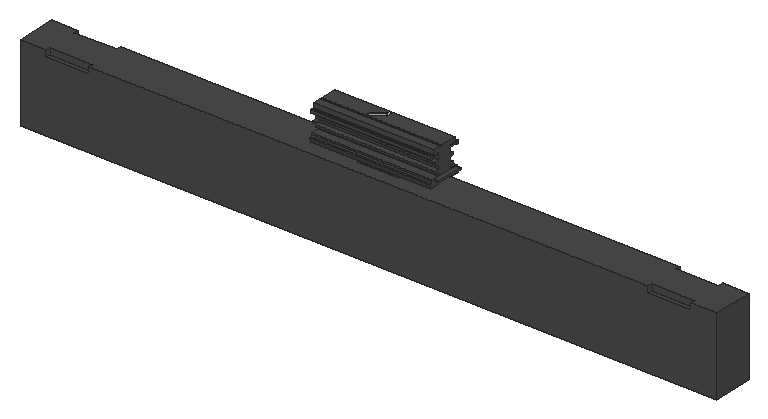
Revit family "DOT SINGLE HEAD RAIL 646_DTM30U6.5.36", category Luminarias, Revit 2019
Family settings
  Cota de conector redondo = Diámetro de uso
  Tipo de pieza = Normal
  Se basa en plano de trabajo = Sí
  Siempre vertical = Sí
  Corte con vacíos al cargar = No
  Origen de luz = Sí
  Compartido = No
  Punto de cálculo de habitación = No
Parameters (values of type "DOT SINGLE HEAD RAIL 646_DTM30U6.5.36")
  Ángulo de inclinación = 60.00°
  Zone [instance] = ""
  Watt per fixture = 30
  Wattage = 30 W
  built-in parameter 1150107 = 2700 (stored number, unit not read)
  built-in parameter 1150110 = 1 (stored number, unit not read)
  built-in parameter 1150109 = 1 (stored number, unit not read)
  built-in parameter 1150112 = 1 (stored number, unit not read)
  built-in parameter 1150113 = 1 (stored number, unit not read)
  built-in parameter 1114218 = 1 (stored number, unit not read)
  Keynote = ""
  built-in parameter 1150137 = (empty or 0)
  built-in parameter 1150132 = (empty or 0)
  Modelo = "DTM30U6.5.36"
  Lámpara = "3030SMD PHILIPS"
  built-in parameter 1150105 = 12002.7 (stored number, unit not read)
  built-in parameter 1150102 = (empty or 0)
  built-in parameter 1150106 = 120.03 (stored number, unit not read)
  Lumens = 2460 lm
  Color Filter = 16777215
  built-in parameter 1114217 = 1 (stored number, unit not read)
  built-in parameter 1150139 = (empty or 0)
  Fabricante = "BRILLANT"
  Default Elevation = 1219.2 mm
  built-in parameter 1150104 = 7.618 (stored number, unit not read)
  Descripción = "LUMINARIA DOWNLIGHT EN FORMATO RECTANGULAR COMPATIBLE CON RIEL DE 6 ENTRADAS Y 3 CIRCUITOS CON CABEZAL PARA PODER DIRIGIR LA LUMINARIA HASTA 30 GRADOS, CUERPO DE ALUMINIO ACABADO EN COLOR NEGRO, IP 20, PESO 1.48Kg, TIPO DE LED 3030SMD PHILIPS CON 30W TOTAL, 2300 LUMENES, 82LM/W, IRC 90, TEMPERATURA EN BLANCO CALIDO 2700K, 50 MIL HORAS DE VIDA PROMEDIO, APERTURA DE 36 GRADOS POR PROYECTO, ALIMENTADO A 90-240V"
  built-in parameter 1150115 = 1 (stored number, unit not read)
  built-in parameter 1150114 = 1 (stored number, unit not read)
  Comentarios de vataje = "90-240V"
  built-in parameter 1150138 = (empty or 0)
  built-in parameter 1150134 = (empty or 0)
  Circuit [instance] = ""
  Dimming Lamp Color Temperature Shift = (empty or 0)
  Archivo de red fotométrica = "L646A-30W-827-B-36_IESNA95.IES"
  built-in parameter 1150133 = 10 (stored number, unit not read)
Reference planes
  plane 1 "Centro (Frontal/Posterior)": y = 0
  plane 2: z = 0
  plane 3 "Centro (Izquierda/Derecha)": x = 0
Forms (mm)
  Extrusion 1, solid, material "Default Form"
    sketch origin (0, 0, 0) x (1, 0, 0) y (0, 0, 1)
      loop
        line (-323, 0) -> (-323, -72) -> (323, -72) -> (323, 0) -> (-323, 0)
    from -18.326 to 18.326
  Blend 2, void
    base sketch origin (0, 0, 0) x (1, 0, 0) y (0, 1, 0)
      loop
        line (-162, 16.149) -> (-162, -16.149) -> (-144.14, -16.149) -> (-144.14, 16.149) -> (-162, 16.149)
    top sketch origin (0, 0, 0) x (1, 0, 0) y (0, 1, 0)
      loop
        line (-160, 12.149) -> (-160, -12.149) -> (-146.14, -12.149) -> (-146.14, 12.149) -> (-160, 12.149)
    from -72 to -61.591
  Blend 3, void
    base sketch origin (21.86, 0, 0) x (1, 0, 0) y (0, 1, 0)
      loop
        line (-162, 16.149) -> (-162, -16.149) -> (-144.14, -16.149) -> (-144.14, 16.149) -> (-162, 16.149)
    top sketch origin (21.86, 0, 0) x (1, 0, 0) y (0, 1, 0)
      loop
        line (-160, 12.149) -> (-160, -12.149) -> (-146.14, -12.149) -> (-146.14, 12.149) -> (-160, 12.149)
    from -72 to -61.591
  Blend 4, void
    base sketch origin (43.72, 0, 0) x (1, 0, 0) y (0, 1, 0)
      loop
        line (-162, 16.149) -> (-162, -16.149) -> (-144.14, -16.149) -> (-144.14, 16.149) -> (-162, 16.149)
    top sketch origin (43.72, 0, 0) x (1, 0, 0) y (0, 1, 0)
      loop
        line (-160, 12.149) -> (-160, -12.149) -> (-146.14, -12.149) -> (-146.14, 12.149) -> (-160, 12.149)
    from -72 to -61.591
  Blend 5, void
    base sketch origin (65.58, 0, 0) x (1, 0, 0) y (0, 1, 0)
      loop
        line (-162, 16.149) -> (-162, -16.149) -> (-144.14, -16.149) -> (-144.14, 16.149) -> (-162, 16.149)
    top sketch origin (65.58, 0, 0) x (1, 0, 0) y (0, 1, 0)
      loop
        line (-160, 12.149) -> (-160, -12.149) -> (-146.14, -12.149) -> (-146.14, 12.149) -> (-160, 12.149)
    from -72 to -61.591
  Blend 6, void
    base sketch origin (87.44, 0, 0) x (1, 0, 0) y (0, 1, 0)
      loop
        line (-162, 16.149) -> (-162, -16.149) -> (-144.14, -16.149) -> (-144.14, 16.149) -> (-162, 16.149)
    top sketch origin (87.44, 0, 0) x (1, 0, 0) y (0, 1, 0)
      loop
        line (-160, 12.149) -> (-160, -12.149) -> (-146.14, -12.149) -> (-146.14, 12.149) -> (-160, 12.149)
    from -72 to -61.591
  Blend 7, void
    base sketch origin (109.3, 0, 0) x (1, 0, 0) y (0, 1, 0)
      loop
        line (-162, 16.149) -> (-162, -16.149) -> (-144.14, -16.149) -> (-144.14, 16.149) -> (-162, 16.149)
    top sketch origin (109.3, 0, 0) x (1, 0, 0) y (0, 1, 0)
      loop
        line (-160, 12.149) -> (-160, -12.149) -> (-146.14, -12.149) -> (-146.14, 12.149) -> (-160, 12.149)
    from -72 to -61.591
  Blend 8, void
    base sketch origin (131.16, 0, 0) x (1, 0, 0) y (0, 1, 0)
      loop
        line (-162, 16.149) -> (-162, -16.149) -> (-144.14, -16.149) -> (-144.14, 16.149) -> (-162, 16.149)
    top sketch origin (131.16, 0, 0) x (1, 0, 0) y (0, 1, 0)
      loop
        line (-160, 12.149) -> (-160, -12.149) -> (-146.14, -12.149) -> (-146.14, 12.149) -> (-160, 12.149)
    from -72 to -61.591
  Blend 9, void
    base sketch origin (153.02, 0, 0) x (1, 0, 0) y (0, 1, 0)
      loop
        line (-162, 16.149) -> (-162, -16.149) -> (-144.14, -16.149) -> (-144.14, 16.149) -> (-162, 16.149)
    top sketch origin (153.02, 0, 0) x (1, 0, 0) y (0, 1, 0)
      loop
        line (-160, 12.149) -> (-160, -12.149) -> (-146.14, -12.149) -> (-146.14, 12.149) -> (-160, 12.149)
    from -72 to -61.591
  Blend 10, void
    base sketch origin (174.88, 0, 0) x (1, 0, 0) y (0, 1, 0)
      loop
        line (-162, 16.149) -> (-162, -16.149) -> (-144.14, -16.149) -> (-144.14, 16.149) -> (-162, 16.149)
    top sketch origin (174.88, 0, 0) x (1, 0, 0) y (0, 1, 0)
      loop
        line (-160, 12.149) -> (-160, -12.149) -> (-146.14, -12.149) -> (-146.14, 12.149) -> (-160, 12.149)
    from -72 to -61.591
  Blend 11, void
    base sketch origin (196.74, 0, 0) x (1, 0, 0) y (0, 1, 0)
      loop
        line (-162, 16.149) -> (-162, -16.149) -> (-144.14, -16.149) -> (-144.14, 16.149) -> (-162, 16.149)
    top sketch origin (196.74, 0, 0) x (1, 0, 0) y (0, 1, 0)
      loop
        line (-160, 12.149) -> (-160, -12.149) -> (-146.14, -12.149) -> (-146.14, 12.149) -> (-160, 12.149)
    from -72 to -61.591
  Blend 12, void
    base sketch origin (218.6, 0, 0) x (1, 0, 0) y (0, 1, 0)
      loop
        line (-162, 16.149) -> (-162, -16.149) -> (-144.14, -16.149) -> (-144.14, 16.149) -> (-162, 16.149)
    top sketch origin (218.6, 0, 0) x (1, 0, 0) y (0, 1, 0)
      loop
        line (-160, 12.149) -> (-160, -12.149) -> (-146.14, -12.149) -> (-146.14, 12.149) -> (-160, 12.149)
    from -72 to -61.591
  Blend 13, void
    base sketch origin (240.46, 0, 0) x (1, 0, 0) y (0, 1, 0)
      loop
        line (-162, 16.149) -> (-162, -16.149) -> (-144.14, -16.149) -> (-144.14, 16.149) -> (-162, 16.149)
    top sketch origin (240.46, 0, 0) x (1, 0, 0) y (0, 1, 0)
      loop
        line (-160, 12.149) -> (-160, -12.149) -> (-146.14, -12.149) -> (-146.14, 12.149) -> (-160, 12.149)
    from -72 to -61.591
  Blend 14, void
    base sketch origin (262.32, 0, 0) x (1, 0, 0) y (0, 1, 0)
      loop
        line (-162, 16.149) -> (-162, -16.149) -> (-144.14, -16.149) -> (-144.14, 16.149) -> (-162, 16.149)
    top sketch origin (262.32, 0, 0) x (1, 0, 0) y (0, 1, 0)
      loop
        line (-160, 12.149) -> (-160, -12.149) -> (-146.14, -12.149) -> (-146.14, 12.149) -> (-160, 12.149)
    from -72 to -61.591
  Blend 15, void
    base sketch origin (284.18, 0, 0) x (1, 0, 0) y (0, 1, 0)
      loop
        line (-162, 16.149) -> (-162, -16.149) -> (-144.14, -16.149) -> (-144.14, 16.149) -> (-162, 16.149)
    top sketch origin (284.18, 0, 0) x (1, 0, 0) y (0, 1, 0)
      loop
        line (-160, 12.149) -> (-160, -12.149) -> (-146.14, -12.149) -> (-146.14, 12.149) -> (-160, 12.149)
    from -72 to -61.591
  Blend 16, void
    base sketch origin (306.04, 0, 0) x (1, 0, 0) y (0, 1, 0)
      loop
        line (-162, 16.149) -> (-162, -16.149) -> (-144.14, -16.149) -> (-144.14, 16.149) -> (-162, 16.149)
    top sketch origin (306.04, 0, 0) x (1, 0, 0) y (0, 1, 0)
      loop
        line (-160, 12.149) -> (-160, -12.149) -> (-146.14, -12.149) -> (-146.14, 12.149) -> (-160, 12.149)
    from -72 to -61.591
  Extrusion 17, solid, material "Default Form"
    sketch origin (-55.628, 0, 7.5) x (0, 1, 0) y (0, 0, 1)
      loop
        line (-7.273, 1.74) -> (7.273, 1.74) -> (7.273, 0) -> (15.231, 0) -> (17.006, 4.494) -> (15.021, 4.494) -> (14.058, 5.868) -> (14.058, 7.166) -> (6.473, 7.166) -> (6.473, 9.324) -> (10.169, 10.163) -> (10.169, 12.464) -> (6.473, 13.302) -> (6.473, 16.66) -> (10.169, 17.499) -> (10.169, 19.8) -> (6.473, 20.638) -> (6.473, 25.016) -> (13.839, 25.016) -> (14.514, 24.341) -> (15.775, 24.341) -> (15.775, 27.171) -> (14.73, 27.171) -> (14.058, 26.499) -> (6.473, 26.499) -> (6.473, 27.299) -> (12.377, 27.299) -> (12.377, 31.471) -> (-2.744, 31.471) -> (-2.744, 30.671) -> (-5.514, 30.671) -> (-5.514, 31.471) -> (-12.377, 31.471) -> (-12.377, 27.299) -> (-6.473, 27.299) -> (-6.473, 26.499) -> (-14.058, 26.499) -> (-14.73, 27.171) -> (-15.775, 27.171) -> (-15.775, 24.341) -> (-14.514, 24.341) -> (-13.839, 25.016) -> (-6.473, 25.016) -> (-6.473, 20.638) -> (-10.169, 19.8) -> (-10.169, 17.499) -> (-6.473, 16.66) -> (-6.473, 13.302) -> (-10.169, 12.464) -> (-10.169, 10.163) -> (-6.473, 9.324) -> (-6.473, 7.166) -> (-14.058, 7.166) -> (-14.058, 5.868) -> (-15.021, 4.494) -> (-17.006, 4.494) -> (-15.231, 0) -> (-7.273, 0) -> (-7.273, 1.74)
    from 0 to 111.256
  Extrusion 18, solid, material "Default Form"
    sketch origin (0, 0, 0) x (1, 0, 0) y (0, 1, 0)
      loop
        line (-19.12, 6.873) -> (-19.12, -6.873) -> (19.12, -6.873) -> (19.12, 6.873) -> (-19.12, 6.873)
    from 0 to 2.67
  Extrusion 19, solid, material "Default Form"
    sketch origin (0, 0, 0) x (1, 0, 0) y (0, 1, 0)
      loop
        line (-10.93, 3.188) -> (-10.93, -3.188) -> (10.93, -3.188) -> (10.93, 3.188) -> (-10.93, 3.188)
    from 2.67 to 7.5
  Extrusion 20, void
    sketch origin (0, 0, 0) x (1, 0, 0) y (0, 1, 0)
      loop
        line (-259.42, 18.326) -> (-299.14, 18.326) -> (-299.14, 14.276) -> (-259.42, 14.276) -> (-259.42, 18.326)
      loop
        line (-299.14, -18.326) -> (-259.42, -18.326) -> (-259.42, -14.276) -> (-299.14, -14.276) -> (-299.14, -18.326)
      loop
        line (299.14, -18.326) -> (299.14, -14.276) -> (259.42, -14.276) -> (259.42, -18.326) -> (299.14, -18.326)
      loop
        line (299.14, 18.326) -> (259.42, 18.326) -> (259.42, 14.276) -> (299.14, 14.276) -> (299.14, 18.326)
    from -6.015 to 0
  Extrusion 21, solid, material "Acero Inoxidable"
    sketch origin (0, -1.594, 0) x (1, 0, 0) y (0, 0, -1)
      loop
        line (-15, -38.971) -> (3.794, -45.811) -> (4.341, -44.308) -> (3.589, -44.034) -> (3.316, -44.786) -> (-12.661, -38.971) -> (-15, -38.971)
    from 0 to 3.188
  Extrusion 22, solid, material "Default Form"
    sketch origin (0, 0, 0) x (1, 0, 0) y (0, 1, 0)
      loop
        line (-55.628, 6.473) -> (-66.331, 6.473) -> (-66.331, 0) -> (-55.628, 0) -> (-55.628, 6.473)
      loop
        line (55.628, 12.377) -> (55.628, -12.149) -> (60.628, -12.149) -> (60.628, 12.377) -> (55.628, 12.377)
    from 13.368 to 15
  Blend 23, void
    base sketch origin (-87.44, 0, 0) x (1, 0, 0) y (0, 1, 0)
      loop
        line (-162, 16.149) -> (-162, -16.149) -> (-144.14, -16.149) -> (-144.14, 16.149) -> (-162, 16.149)
    top sketch origin (-87.44, 0, 0) x (1, 0, 0) y (0, 1, 0)
      loop
        line (-160, 12.149) -> (-160, -12.149) -> (-146.14, -12.149) -> (-146.14, 12.149) -> (-160, 12.149)
    from -72 to -61.591
  Blend 24, void
    base sketch origin (-65.58, 0, 0) x (1, 0, 0) y (0, 1, 0)
      loop
        line (-162, 16.149) -> (-162, -16.149) -> (-144.14, -16.149) -> (-144.14, 16.149) -> (-162, 16.149)
    top sketch origin (-65.58, 0, 0) x (1, 0, 0) y (0, 1, 0)
      loop
        line (-160, 12.149) -> (-160, -12.149) -> (-146.14, -12.149) -> (-146.14, 12.149) -> (-160, 12.149)
    from -72 to -61.591
  Blend 25, void
    base sketch origin (-43.72, 0, 0) x (1, 0, 0) y (0, 1, 0)
      loop
        line (-162, 16.149) -> (-162, -16.149) -> (-144.14, -16.149) -> (-144.14, 16.149) -> (-162, 16.149)
    top sketch origin (-43.72, 0, 0) x (1, 0, 0) y (0, 1, 0)
      loop
        line (-160, 12.149) -> (-160, -12.149) -> (-146.14, -12.149) -> (-146.14, 12.149) -> (-160, 12.149)
    from -72 to -61.591
  Blend 26, void
    base sketch origin (-21.86, 0, 0) x (1, 0, 0) y (0, 1, 0)
      loop
        line (-162, 16.149) -> (-162, -16.149) -> (-144.14, -16.149) -> (-144.14, 16.149) -> (-162, 16.149)
    top sketch origin (-21.86, 0, 0) x (1, 0, 0) y (0, 1, 0)
      loop
        line (-160, 12.149) -> (-160, -12.149) -> (-146.14, -12.149) -> (-146.14, 12.149) -> (-160, 12.149)
    from -72 to -61.591
  Blend 27, void
    base sketch origin (-109.3, 0, 0) x (1, 0, 0) y (0, 1, 0)
      loop
        line (-162, 16.149) -> (-162, -16.149) -> (-144.14, -16.149) -> (-144.14, 16.149) -> (-162, 16.149)
    top sketch origin (-109.3, 0, 0) x (1, 0, 0) y (0, 1, 0)
      loop
        line (-160, 12.149) -> (-160, -12.149) -> (-146.14, -12.149) -> (-146.14, 12.149) -> (-160, 12.149)
    from -72 to -61.591
  Blend 28, void
    base sketch origin (327.9, 0, 0) x (1, 0, 0) y (0, 1, 0)
      loop
        line (-162, 16.149) -> (-162, -16.149) -> (-144.14, -16.149) -> (-144.14, 16.149) -> (-162, 16.149)
    top sketch origin (327.9, 0, 0) x (1, 0, 0) y (0, 1, 0)
      loop
        line (-160, 12.149) -> (-160, -12.149) -> (-146.14, -12.149) -> (-146.14, 12.149) -> (-160, 12.149)
    from -72 to -61.591
  Blend 29, void
    base sketch origin (349.76, 0, 0) x (1, 0, 0) y (0, 1, 0)
      loop
        line (-162, 16.149) -> (-162, -16.149) -> (-144.14, -16.149) -> (-144.14, 16.149) -> (-162, 16.149)
    top sketch origin (349.76, 0, 0) x (1, 0, 0) y (0, 1, 0)
      loop
        line (-160, 12.149) -> (-160, -12.149) -> (-146.14, -12.149) -> (-146.14, 12.149) -> (-160, 12.149)
    from -72 to -61.591
  Blend 30, void
    base sketch origin (371.62, 0, 0) x (1, 0, 0) y (0, 1, 0)
      loop
        line (-162, 16.149) -> (-162, -16.149) -> (-144.14, -16.149) -> (-144.14, 16.149) -> (-162, 16.149)
    top sketch origin (371.62, 0, 0) x (1, 0, 0) y (0, 1, 0)
      loop
        line (-160, 12.149) -> (-160, -12.149) -> (-146.14, -12.149) -> (-146.14, 12.149) -> (-160, 12.149)
    from -72 to -61.591
  Blend 31, void
    base sketch origin (393.48, 0, 0) x (1, 0, 0) y (0, 1, 0)
      loop
        line (-162, 16.149) -> (-162, -16.149) -> (-144.14, -16.149) -> (-144.14, 16.149) -> (-162, 16.149)
    top sketch origin (393.48, 0, 0) x (1, 0, 0) y (0, 1, 0)
      loop
        line (-160, 12.149) -> (-160, -12.149) -> (-146.14, -12.149) -> (-146.14, 12.149) -> (-160, 12.149)
    from -72 to -61.591
  Blend 32, void
    base sketch origin (415.34, 0, 0) x (1, 0, 0) y (0, 1, 0)
      loop
        line (-162, 16.149) -> (-162, -16.149) -> (-144.14, -16.149) -> (-144.14, 16.149) -> (-162, 16.149)
    top sketch origin (415.34, 0, 0) x (1, 0, 0) y (0, 1, 0)
      loop
        line (-160, 12.149) -> (-160, -12.149) -> (-146.14, -12.149) -> (-146.14, 12.149) -> (-160, 12.149)
    from -72 to -61.591
Cuts and joins
  Blend 2, Blend 3, Blend 4, Blend 5, Blend 6, Blend 7, Blend 8, Blend 9, Blend 10, Blend 11, Blend 12, Blend 13, Blend 14, Blend 15, Blend 16, Extrusion 20, Blend 23, Blend 24, Blend 25, Blend 26, Blend 27, Blend 28, Blend 29, Blend 30, Blend 31, Blend 32 cuts Extrusion 1
Dimensions and locks
  equal spacing: Extrusion 1, plane 1 "Centro (Frontal/Posterior)", Extrusion 1
  Extrusion 1 to plane 1 "Centro (Frontal/Posterior)" = 18.326 mm
  Extrusion 1 to Extrusion 1 = 36.651 mm
  Extrusion 1 to Extrusion 1 = 72 mm
  Extrusion 1 to Extrusion 1 = 646 mm
  cut or joined group 1 (Extrusion 1, Blend 2, Blend 3, Blend 4, Blend 5, Blend 6, Blend 7, Blend 8, Blend 9, Blend 10, Blend 11, Blend 12, Blend 13, Blend 14, Blend 15, Blend 16, Extrusion 20, Blend 23, Blend 24, Blend 25, Blend 26, Blend 27, Blend 28, Blend 29, Blend 30, Blend 31, Blend 32) to cut or joined group 1 = 72 mm
  cut or joined group 1 to cut or joined group 1 = 36.651 mm
  cut or joined group 1 to cut or joined group 1 = 646 mm
  equal spacing: cut or joined group 1, plane 1 "Centro (Frontal/Posterior)", cut or joined group 1
  cut or joined group 1 to cut or joined group 1 = 23.86 mm  (x2)
  aligned and locked: level to plane 2
  aligned and locked: Extrusion 19 to Extrusion 17
  aligned and locked: Extrusion 19 to Extrusion 18
Automatic sketch dimensions
  Extrusion 1 sketch curve to level = 0 mm
  Extrusion 1 sketch curve to level = 72 mm
  Extrusion 1 sketch curve to plane 3 "Centro (Izquierda/Derecha)" = 323 mm
  plane 3 "Centro (Izquierda/Derecha)" to Extrusion 1 sketch curve = 323 mm
  Blend 2 sketch curve to plane 1 "Centro (Frontal/Posterior)" = 16.149 mm
  Blend 2 sketch curve to plane 3 "Centro (Izquierda/Derecha)" = 162 mm
  Blend 2 sketch curve to Blend 2 sketch curve = 17.86 mm
  plane 1 "Centro (Frontal/Posterior)" to Blend 2 sketch curve = 16.149 mm
  Blend 2 sketch curve to plane 1 "Centro (Frontal/Posterior)" = 12.149 mm
  Blend 2 sketch curve to plane 3 "Centro (Izquierda/Derecha)" = 160 mm
  Blend 2 sketch curve to Blend 2 sketch curve = 13.86 mm
  plane 1 "Centro (Frontal/Posterior)" to Blend 2 sketch curve = 12.149 mm
  Blend 3 sketch curve to plane 1 "Centro (Frontal/Posterior)" = 16.149 mm
  Blend 3 sketch curve to plane 3 "Centro (Izquierda/Derecha)" = 140.14 mm
  Blend 3 sketch curve to Blend 3 sketch curve = 17.86 mm
  plane 1 "Centro (Frontal/Posterior)" to Blend 3 sketch curve = 16.149 mm
  Blend 3 sketch curve to plane 1 "Centro (Frontal/Posterior)" = 12.149 mm
  Blend 3 sketch curve to plane 3 "Centro (Izquierda/Derecha)" = 138.14 mm
  Blend 3 sketch curve to Blend 3 sketch curve = 13.86 mm
  plane 1 "Centro (Frontal/Posterior)" to Blend 3 sketch curve = 12.149 mm
  Blend 4 sketch curve to plane 1 "Centro (Frontal/Posterior)" = 16.149 mm
  Blend 4 sketch curve to plane 3 "Centro (Izquierda/Derecha)" = 118.28 mm
  Blend 4 sketch curve to Blend 4 sketch curve = 17.86 mm
  plane 1 "Centro (Frontal/Posterior)" to Blend 4 sketch curve = 16.149 mm
  Blend 4 sketch curve to plane 1 "Centro (Frontal/Posterior)" = 12.149 mm
  Blend 4 sketch curve to plane 3 "Centro (Izquierda/Derecha)" = 116.28 mm
  Blend 4 sketch curve to Blend 4 sketch curve = 13.86 mm
  plane 1 "Centro (Frontal/Posterior)" to Blend 4 sketch curve = 12.149 mm
  Blend 5 sketch curve to plane 1 "Centro (Frontal/Posterior)" = 16.149 mm
  Blend 5 sketch curve to plane 3 "Centro (Izquierda/Derecha)" = 96.42 mm
  Blend 5 sketch curve to Blend 5 sketch curve = 17.86 mm
  plane 1 "Centro (Frontal/Posterior)" to Blend 5 sketch curve = 16.149 mm
  Blend 5 sketch curve to plane 1 "Centro (Frontal/Posterior)" = 12.149 mm
  Blend 5 sketch curve to plane 3 "Centro (Izquierda/Derecha)" = 94.42 mm
  Blend 5 sketch curve to Blend 5 sketch curve = 13.86 mm
  plane 1 "Centro (Frontal/Posterior)" to Blend 5 sketch curve = 12.149 mm
  Blend 6 sketch curve to plane 1 "Centro (Frontal/Posterior)" = 16.149 mm
  Blend 6 sketch curve to plane 3 "Centro (Izquierda/Derecha)" = 74.56 mm
  Blend 6 sketch curve to Blend 6 sketch curve = 17.86 mm
  plane 1 "Centro (Frontal/Posterior)" to Blend 6 sketch curve = 16.149 mm
  Blend 6 sketch curve to plane 1 "Centro (Frontal/Posterior)" = 12.149 mm
  Blend 6 sketch curve to plane 3 "Centro (Izquierda/Derecha)" = 72.56 mm
  Blend 6 sketch curve to Blend 6 sketch curve = 13.86 mm
  plane 1 "Centro (Frontal/Posterior)" to Blend 6 sketch curve = 12.149 mm
  Blend 7 sketch curve to plane 1 "Centro (Frontal/Posterior)" = 16.149 mm
  Blend 7 sketch curve to plane 3 "Centro (Izquierda/Derecha)" = 52.7 mm
  Blend 7 sketch curve to Blend 7 sketch curve = 17.86 mm
  plane 1 "Centro (Frontal/Posterior)" to Blend 7 sketch curve = 16.149 mm
  Blend 7 sketch curve to plane 1 "Centro (Frontal/Posterior)" = 12.149 mm
  Blend 7 sketch curve to plane 3 "Centro (Izquierda/Derecha)" = 50.7 mm
  Blend 7 sketch curve to Blend 7 sketch curve = 13.86 mm
  plane 1 "Centro (Frontal/Posterior)" to Blend 7 sketch curve = 12.149 mm
  Blend 8 sketch curve to plane 3 "Centro (Izquierda/Derecha)" = 30.84 mm
  Blend 8 sketch curve to plane 3 "Centro (Izquierda/Derecha)" = 12.98 mm
  plane 1 "Centro (Frontal/Posterior)" to Blend 8 sketch curve = 16.149 mm
  Blend 8 sketch curve to plane 1 "Centro (Frontal/Posterior)" = 16.149 mm
  Blend 8 sketch curve to plane 1 "Centro (Frontal/Posterior)" = 12.149 mm
  Blend 8 sketch curve to plane 3 "Centro (Izquierda/Derecha)" = 28.84 mm
  Blend 8 sketch curve to Blend 8 sketch curve = 13.86 mm
  plane 1 "Centro (Frontal/Posterior)" to Blend 8 sketch curve = 12.149 mm
  Blend 9 sketch curve to plane 3 "Centro (Izquierda/Derecha)" = 8.98 mm
  plane 3 "Centro (Izquierda/Derecha)" to Blend 9 sketch curve = 8.88 mm
  plane 1 "Centro (Frontal/Posterior)" to Blend 9 sketch curve = 16.149 mm
  Blend 9 sketch curve to plane 1 "Centro (Frontal/Posterior)" = 16.149 mm
  Blend 9 sketch curve to plane 3 "Centro (Izquierda/Derecha)" = 6.98 mm
  plane 3 "Centro (Izquierda/Derecha)" to Blend 9 sketch curve = 6.88 mm
  plane 1 "Centro (Frontal/Posterior)" to Blend 9 sketch curve = 12.149 mm
  Blend 9 sketch curve to plane 1 "Centro (Frontal/Posterior)" = 12.149 mm
  plane 3 "Centro (Izquierda/Derecha)" to Blend 10 sketch curve = 12.88 mm
  Blend 10 sketch curve to Blend 10 sketch curve = 17.86 mm
  plane 1 "Centro (Frontal/Posterior)" to Blend 10 sketch curve = 16.149 mm
  Blend 10 sketch curve to plane 1 "Centro (Frontal/Posterior)" = 16.149 mm
  plane 3 "Centro (Izquierda/Derecha)" to Blend 10 sketch curve = 14.88 mm
  Blend 10 sketch curve to Blend 10 sketch curve = 13.86 mm
  plane 1 "Centro (Frontal/Posterior)" to Blend 10 sketch curve = 12.149 mm
  Blend 10 sketch curve to plane 1 "Centro (Frontal/Posterior)" = 12.149 mm
  Blend 11 sketch curve to plane 1 "Centro (Frontal/Posterior)" = 16.149 mm
  plane 3 "Centro (Izquierda/Derecha)" to Blend 11 sketch curve = 34.74 mm
  Blend 11 sketch curve to Blend 11 sketch curve = 17.86 mm
  plane 1 "Centro (Frontal/Posterior)" to Blend 11 sketch curve = 16.149 mm
  Blend 11 sketch curve to plane 1 "Centro (Frontal/Posterior)" = 12.149 mm
  plane 3 "Centro (Izquierda/Derecha)" to Blend 11 sketch curve = 36.74 mm
  Blend 11 sketch curve to Blend 11 sketch curve = 13.86 mm
  plane 1 "Centro (Frontal/Posterior)" to Blend 11 sketch curve = 12.149 mm
  Blend 12 sketch curve to plane 1 "Centro (Frontal/Posterior)" = 16.149 mm
  plane 3 "Centro (Izquierda/Derecha)" to Blend 12 sketch curve = 56.6 mm
  Blend 12 sketch curve to Blend 12 sketch curve = 17.86 mm
  plane 1 "Centro (Frontal/Posterior)" to Blend 12 sketch curve = 16.149 mm
  Blend 12 sketch curve to plane 1 "Centro (Frontal/Posterior)" = 12.149 mm
  plane 3 "Centro (Izquierda/Derecha)" to Blend 12 sketch curve = 58.6 mm
  Blend 12 sketch curve to Blend 12 sketch curve = 13.86 mm
  plane 1 "Centro (Frontal/Posterior)" to Blend 12 sketch curve = 12.149 mm
  Blend 13 sketch curve to plane 1 "Centro (Frontal/Posterior)" = 16.149 mm
  plane 3 "Centro (Izquierda/Derecha)" to Blend 13 sketch curve = 78.46 mm
  Blend 13 sketch curve to Blend 13 sketch curve = 17.86 mm
  plane 1 "Centro (Frontal/Posterior)" to Blend 13 sketch curve = 16.149 mm
  Blend 13 sketch curve to plane 1 "Centro (Frontal/Posterior)" = 12.149 mm
  plane 3 "Centro (Izquierda/Derecha)" to Blend 13 sketch curve = 80.46 mm
  Blend 13 sketch curve to Blend 13 sketch curve = 13.86 mm
  plane 1 "Centro (Frontal/Posterior)" to Blend 13 sketch curve = 12.149 mm
  Blend 14 sketch curve to plane 1 "Centro (Frontal/Posterior)" = 16.149 mm
  plane 3 "Centro (Izquierda/Derecha)" to Blend 14 sketch curve = 100.32 mm
  Blend 14 sketch curve to Blend 14 sketch curve = 17.86 mm
  plane 1 "Centro (Frontal/Posterior)" to Blend 14 sketch curve = 16.149 mm
  Blend 14 sketch curve to plane 1 "Centro (Frontal/Posterior)" = 12.149 mm
  plane 3 "Centro (Izquierda/Derecha)" to Blend 14 sketch curve = 102.32 mm
  Blend 14 sketch curve to Blend 14 sketch curve = 13.86 mm
  plane 1 "Centro (Frontal/Posterior)" to Blend 14 sketch curve = 12.149 mm
  Blend 15 sketch curve to plane 1 "Centro (Frontal/Posterior)" = 16.149 mm
  plane 3 "Centro (Izquierda/Derecha)" to Blend 15 sketch curve = 122.18 mm
  Blend 15 sketch curve to Blend 15 sketch curve = 17.86 mm
  plane 1 "Centro (Frontal/Posterior)" to Blend 15 sketch curve = 16.149 mm
  Blend 15 sketch curve to plane 1 "Centro (Frontal/Posterior)" = 12.149 mm
  plane 3 "Centro (Izquierda/Derecha)" to Blend 15 sketch curve = 124.18 mm
  Blend 15 sketch curve to Blend 15 sketch curve = 13.86 mm
  plane 1 "Centro (Frontal/Posterior)" to Blend 15 sketch curve = 12.149 mm
  Blend 16 sketch curve to plane 1 "Centro (Frontal/Posterior)" = 16.149 mm
  plane 3 "Centro (Izquierda/Derecha)" to Blend 16 sketch curve = 144.04 mm
  Blend 16 sketch curve to Blend 16 sketch curve = 17.86 mm
  plane 1 "Centro (Frontal/Posterior)" to Blend 16 sketch curve = 16.149 mm
  Blend 16 sketch curve to plane 1 "Centro (Frontal/Posterior)" = 12.149 mm
  plane 3 "Centro (Izquierda/Derecha)" to Blend 16 sketch curve = 146.04 mm
  Blend 16 sketch curve to Blend 16 sketch curve = 13.86 mm
  plane 1 "Centro (Frontal/Posterior)" to Blend 16 sketch curve = 12.149 mm
  plane 1 "Centro (Frontal/Posterior)" to Extrusion 17 sketch curve = 17.006 mm
  plane 1 "Centro (Frontal/Posterior)" to Extrusion 17 sketch curve = 15.775 mm
  level to Extrusion 17 sketch curve = 7.5 mm  (x2)
  Extrusion 17 sketch curve to Extrusion 17 sketch curve = 1.775 mm
  Extrusion 17 sketch curve to Extrusion 17 sketch curve = 1.985 mm  (x2)
  Extrusion 17 sketch curve to Extrusion 17 sketch curve = 1.045 mm
  Extrusion 17 sketch curve to Extrusion 17 sketch curve = 1.261 mm  (x2)
  Extrusion 17 sketch curve to Extrusion 17 sketch curve = 0.963 mm  (x2)
  Extrusion 17 sketch curve to Extrusion 17 sketch curve = 0.672 mm  (x4)
  Extrusion 17 sketch curve to Extrusion 17 sketch curve = 0.675 mm  (x3)
  Extrusion 17 sketch curve to Extrusion 17 sketch curve = 2.354 mm
  Extrusion 17 sketch curve to Extrusion 17 sketch curve = 4.345 mm
  Extrusion 17 sketch curve to Extrusion 17 sketch curve = 3.89 mm  (x2)
  plane 1 "Centro (Frontal/Posterior)" to Extrusion 17 sketch curve = 7.273 mm
  Extrusion 17 sketch curve to Extrusion 17 sketch curve = 3.696 mm  (x4)
  Extrusion 17 sketch curve to Extrusion 17 sketch curve = 5.904 mm  (x2)
  Extrusion 17 sketch curve to Extrusion 17 sketch curve = 0 mm  (x3)
  Extrusion 17 sketch curve to Extrusion 17 sketch curve = 0.959 mm
  plane 1 "Centro (Frontal/Posterior)" to Extrusion 17 sketch curve = 2.744 mm
  Extrusion 17 sketch curve to plane 1 "Centro (Frontal/Posterior)" = 6.473 mm  (x2)
  Extrusion 17 sketch curve to Extrusion 17 sketch curve = 0.8 mm  (x3)
  Extrusion 17 sketch curve to Extrusion 17 sketch curve = 1.462 mm
  Extrusion 17 sketch curve to Extrusion 17 sketch curve = 0.22 mm
  Extrusion 17 sketch curve to Extrusion 17 sketch curve = 0.21 mm
  Extrusion 17 sketch curve to Extrusion 17 sketch curve = 1.74 mm
  Extrusion 17 sketch curve to Extrusion 17 sketch curve = 4.494 mm  (x2)
  Extrusion 17 sketch curve to Extrusion 17 sketch curve = 1.375 mm  (x2)
  Extrusion 17 sketch curve to Extrusion 17 sketch curve = 5.426 mm  (x2)
  Extrusion 17 sketch curve to Extrusion 17 sketch curve = 2.158 mm  (x2)
  Extrusion 17 sketch curve to Extrusion 17 sketch curve = 0.839 mm  (x8)
  Extrusion 17 sketch curve to Extrusion 17 sketch curve = 2.301 mm  (x4)
  Extrusion 17 sketch curve to Extrusion 17 sketch curve = 3.358 mm  (x2)
  Extrusion 17 sketch curve to Extrusion 17 sketch curve = 4.541 mm  (x2)
  Extrusion 17 sketch curve to Extrusion 17 sketch curve = 4.378 mm
  Extrusion 17 sketch curve to Extrusion 17 sketch curve = 1.483 mm  (x2)
  Extrusion 17 sketch curve to Extrusion 17 sketch curve = 3.372 mm
  Extrusion 17 sketch curve to Extrusion 17 sketch curve = 4.172 mm  (x2)
  plane 1 "Centro (Frontal/Posterior)" to Extrusion 18 sketch curve = 6.873 mm
  Extrusion 18 sketch curve to plane 3 "Centro (Izquierda/Derecha)" = 19.12 mm
  plane 3 "Centro (Izquierda/Derecha)" to Extrusion 18 sketch curve = 19.12 mm
  Extrusion 18 sketch curve to plane 1 "Centro (Frontal/Posterior)" = 6.873 mm
  plane 1 "Centro (Frontal/Posterior)" to Extrusion 19 sketch curve = 3.188 mm
  Extrusion 19 sketch curve to plane 3 "Centro (Izquierda/Derecha)" = 10.93 mm
  plane 3 "Centro (Izquierda/Derecha)" to Extrusion 19 sketch curve = 10.93 mm
  Extrusion 19 sketch curve to plane 1 "Centro (Frontal/Posterior)" = 3.188 mm
  plane 1 "Centro (Frontal/Posterior)" to Extrusion 20 sketch curve = 18.326 mm
  Extrusion 20 sketch curve to plane 3 "Centro (Izquierda/Derecha)" = 299.14 mm
  Extrusion 20 sketch curve to Extrusion 20 sketch curve = 0 mm  (x4)
  Extrusion 20 sketch curve to Extrusion 20 sketch curve = 39.72 mm  (x2)
  plane 1 "Centro (Frontal/Posterior)" to Extrusion 20 sketch curve = 14.276 mm
  plane 3 "Centro (Izquierda/Derecha)" to Extrusion 20 sketch curve = 259.42 mm
  Extrusion 20 sketch curve to plane 1 "Centro (Frontal/Posterior)" = 18.326 mm
  Extrusion 20 sketch curve to Extrusion 20 sketch curve = 4.049 mm  (x4)
  Extrusion 20 sketch curve to plane 1 "Centro (Frontal/Posterior)" = 14.276 mm
  Extrusion 21 sketch curve to plane 3 "Centro (Izquierda/Derecha)" = 15 mm
  Extrusion 21 sketch curve to Extrusion 21 sketch curve = 2.339 mm
  plane 3 "Centro (Izquierda/Derecha)" to Extrusion 21 sketch curve = 3.316 mm
  Extrusion 21 sketch curve to Extrusion 21 sketch curve = 0.274 mm
  Extrusion 21 sketch curve to Extrusion 21 sketch curve = 0.478 mm
  Extrusion 21 sketch curve to Extrusion 21 sketch curve = 0.752 mm
  level to Extrusion 21 sketch curve = 45.811 mm
  plane 1 "Centro (Frontal/Posterior)" to Extrusion 22 sketch curve = 0 mm
  Extrusion 22 sketch curve to plane 1 "Centro (Frontal/Posterior)" = 6.473 mm
  Extrusion 22 sketch curve to plane 3 "Centro (Izquierda/Derecha)" = 66.331 mm
  Extrusion 22 sketch curve to Extrusion 22 sketch curve = 10.703 mm
  Extrusion 22 sketch curve to plane 1 "Centro (Frontal/Posterior)" = 12.377 mm
  plane 3 "Centro (Izquierda/Derecha)" to Extrusion 22 sketch curve = 55.628 mm
  Extrusion 22 sketch curve to Extrusion 22 sketch curve = 5 mm
  plane 1 "Centro (Frontal/Posterior)" to Extrusion 22 sketch curve = 12.149 mm
  Blend 23 sketch curve to plane 1 "Centro (Frontal/Posterior)" = 16.149 mm
  Blend 23 sketch curve to plane 3 "Centro (Izquierda/Derecha)" = 249.44 mm
  Blend 23 sketch curve to Blend 23 sketch curve = 17.86 mm
  plane 1 "Centro (Frontal/Posterior)" to Blend 23 sketch curve = 16.149 mm
  Blend 23 sketch curve to plane 1 "Centro (Frontal/Posterior)" = 12.149 mm
  Blend 23 sketch curve to plane 3 "Centro (Izquierda/Derecha)" = 247.44 mm
  Blend 23 sketch curve to Blend 23 sketch curve = 13.86 mm
  plane 1 "Centro (Frontal/Posterior)" to Blend 23 sketch curve = 12.149 mm
  Blend 24 sketch curve to plane 1 "Centro (Frontal/Posterior)" = 16.149 mm
  Blend 24 sketch curve to plane 3 "Centro (Izquierda/Derecha)" = 227.58 mm
  Blend 24 sketch curve to Blend 24 sketch curve = 17.86 mm
  plane 1 "Centro (Frontal/Posterior)" to Blend 24 sketch curve = 16.149 mm
  Blend 24 sketch curve to plane 1 "Centro (Frontal/Posterior)" = 12.149 mm
  Blend 24 sketch curve to plane 3 "Centro (Izquierda/Derecha)" = 225.58 mm
  Blend 24 sketch curve to Blend 24 sketch curve = 13.86 mm
  plane 1 "Centro (Frontal/Posterior)" to Blend 24 sketch curve = 12.149 mm
  Blend 25 sketch curve to plane 1 "Centro (Frontal/Posterior)" = 16.149 mm
  Blend 25 sketch curve to plane 3 "Centro (Izquierda/Derecha)" = 205.72 mm
  Blend 25 sketch curve to Blend 25 sketch curve = 17.86 mm
  plane 1 "Centro (Frontal/Posterior)" to Blend 25 sketch curve = 16.149 mm
  Blend 25 sketch curve to plane 1 "Centro (Frontal/Posterior)" = 12.149 mm
  Blend 25 sketch curve to plane 3 "Centro (Izquierda/Derecha)" = 203.72 mm
  Blend 25 sketch curve to Blend 25 sketch curve = 13.86 mm
  plane 1 "Centro (Frontal/Posterior)" to Blend 25 sketch curve = 12.149 mm
  Blend 26 sketch curve to plane 1 "Centro (Frontal/Posterior)" = 16.149 mm
  Blend 26 sketch curve to plane 3 "Centro (Izquierda/Derecha)" = 183.86 mm
  Blend 26 sketch curve to Blend 26 sketch curve = 17.86 mm
  plane 1 "Centro (Frontal/Posterior)" to Blend 26 sketch curve = 16.149 mm
  Blend 26 sketch curve to plane 1 "Centro (Frontal/Posterior)" = 12.149 mm
  Blend 26 sketch curve to plane 3 "Centro (Izquierda/Derecha)" = 181.86 mm
  Blend 26 sketch curve to Blend 26 sketch curve = 13.86 mm
  plane 1 "Centro (Frontal/Posterior)" to Blend 26 sketch curve = 12.149 mm
  Blend 27 sketch curve to plane 1 "Centro (Frontal/Posterior)" = 16.149 mm
  Blend 27 sketch curve to plane 3 "Centro (Izquierda/Derecha)" = 271.3 mm
  Blend 27 sketch curve to Blend 27 sketch curve = 17.86 mm
  plane 1 "Centro (Frontal/Posterior)" to Blend 27 sketch curve = 16.149 mm
  Blend 27 sketch curve to plane 1 "Centro (Frontal/Posterior)" = 12.149 mm
  Blend 27 sketch curve to plane 3 "Centro (Izquierda/Derecha)" = 269.3 mm
  Blend 27 sketch curve to Blend 27 sketch curve = 13.86 mm
  plane 1 "Centro (Frontal/Posterior)" to Blend 27 sketch curve = 12.149 mm
  Blend 28 sketch curve to plane 1 "Centro (Frontal/Posterior)" = 16.149 mm
  plane 3 "Centro (Izquierda/Derecha)" to Blend 28 sketch curve = 165.9 mm
  Blend 28 sketch curve to Blend 28 sketch curve = 17.86 mm
  plane 1 "Centro (Frontal/Posterior)" to Blend 28 sketch curve = 16.149 mm
  Blend 28 sketch curve to plane 1 "Centro (Frontal/Posterior)" = 12.149 mm
  plane 3 "Centro (Izquierda/Derecha)" to Blend 28 sketch curve = 167.9 mm
  Blend 28 sketch curve to Blend 28 sketch curve = 13.86 mm
  plane 1 "Centro (Frontal/Posterior)" to Blend 28 sketch curve = 12.149 mm
  Blend 29 sketch curve to plane 1 "Centro (Frontal/Posterior)" = 16.149 mm
  plane 3 "Centro (Izquierda/Derecha)" to Blend 29 sketch curve = 187.76 mm
  Blend 29 sketch curve to Blend 29 sketch curve = 17.86 mm
  plane 1 "Centro (Frontal/Posterior)" to Blend 29 sketch curve = 16.149 mm
  Blend 29 sketch curve to plane 1 "Centro (Frontal/Posterior)" = 12.149 mm
  plane 3 "Centro (Izquierda/Derecha)" to Blend 29 sketch curve = 189.76 mm
  Blend 29 sketch curve to Blend 29 sketch curve = 13.86 mm
  plane 1 "Centro (Frontal/Posterior)" to Blend 29 sketch curve = 12.149 mm
  Blend 30 sketch curve to plane 1 "Centro (Frontal/Posterior)" = 16.149 mm
  plane 3 "Centro (Izquierda/Derecha)" to Blend 30 sketch curve = 209.62 mm
  Blend 30 sketch curve to Blend 30 sketch curve = 17.86 mm
  plane 1 "Centro (Frontal/Posterior)" to Blend 30 sketch curve = 16.149 mm
  Blend 30 sketch curve to plane 1 "Centro (Frontal/Posterior)" = 12.149 mm
  plane 3 "Centro (Izquierda/Derecha)" to Blend 30 sketch curve = 211.62 mm
  Blend 30 sketch curve to Blend 30 sketch curve = 13.86 mm
  plane 1 "Centro (Frontal/Posterior)" to Blend 30 sketch curve = 12.149 mm
  Blend 31 sketch curve to plane 1 "Centro (Frontal/Posterior)" = 16.149 mm
  plane 3 "Centro (Izquierda/Derecha)" to Blend 31 sketch curve = 231.48 mm
  Blend 31 sketch curve to Blend 31 sketch curve = 17.86 mm
  plane 1 "Centro (Frontal/Posterior)" to Blend 31 sketch curve = 16.149 mm
  Blend 31 sketch curve to plane 1 "Centro (Frontal/Posterior)" = 12.149 mm
  plane 3 "Centro (Izquierda/Derecha)" to Blend 31 sketch curve = 233.48 mm
  Blend 31 sketch curve to Blend 31 sketch curve = 13.86 mm
  plane 1 "Centro (Frontal/Posterior)" to Blend 31 sketch curve = 12.149 mm
  Blend 32 sketch curve to plane 1 "Centro (Frontal/Posterior)" = 16.149 mm
  plane 3 "Centro (Izquierda/Derecha)" to Blend 32 sketch curve = 253.34 mm
  Blend 32 sketch curve to Blend 32 sketch curve = 17.86 mm
  plane 1 "Centro (Frontal/Posterior)" to Blend 32 sketch curve = 16.149 mm
  Blend 32 sketch curve to plane 1 "Centro (Frontal/Posterior)" = 12.149 mm
  plane 3 "Centro (Izquierda/Derecha)" to Blend 32 sketch curve = 255.34 mm
  Blend 32 sketch curve to Blend 32 sketch curve = 13.86 mm
  plane 1 "Centro (Frontal/Posterior)" to Blend 32 sketch curve = 12.149 mm
Connectors
  electrical at (0, 0, 0)
    settings: on cut or joined group 1, index 1, voltage 240 V, apparent load 0 VA, apparent load phase1 0 VA, apparent load phase2 0 VA, apparent load phase3 0 VA, power factor 1, load classification "Otro", number of poles 1, system type 31, power factor state 1, is connector primary yes, connector utility no, sub classification motor no, connector description ""
